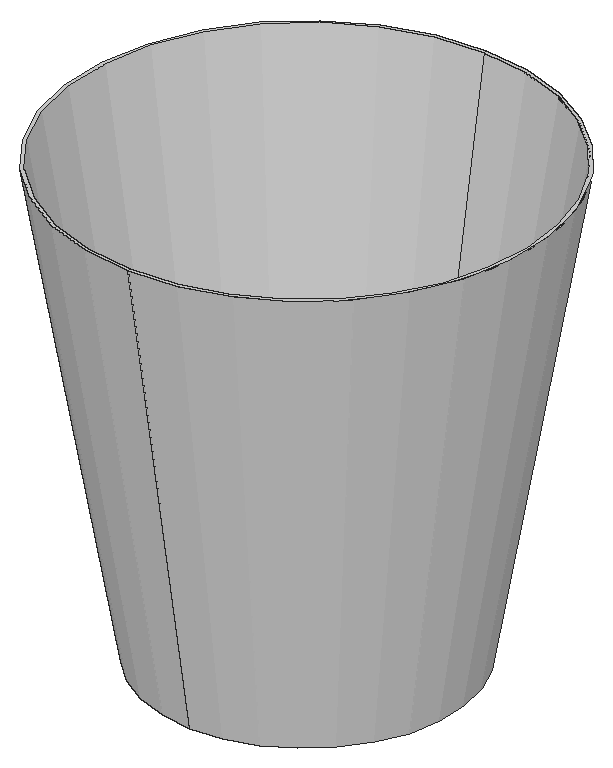
Revit family
Parameters
  Keynote = "N"
Reference planes
  plane 1 "Center F/B": y = 0
  plane 2: z = 0
  plane 3 "Center L/R": x = 0
Forms (mm)
  Revolve 1, solid, material "Plastic - Grey"
    sketch origin (0, 0, 0) x (0, 1, 0) y (0, 0, 1)
      loop
        line (0, 0) -> (152.4, 0) -> (234.264, 464.273) -> (231.04, 464.273) -> (150.296, 6.35) -> (0, 6.35) -> (0, 0)
      axis (0, 0) -> (0, 464.273)
    angle from 0 to 360
Lines and regions (mm)
  Masking region 1
    outline origin (0, 0, 0) x (1, 0, 0) y (0, 1, 0)
      loop
        circle (0, 0) r 234.264
  symbolic lines
    curve 1: arc (0, 234.264, 0) -> (-234.264, 0, 0) -> (0, -234.264, 0) r 234.264
    curve 2: arc (0, -234.264, 0) -> (234.264, 0, 0) -> (0, 234.264, 0) r 234.264
  symbolic lines, detail levels medium+fine
    curve 3: arc (0, 150.296, 0) -> (-150.296, 0, 0) -> (0, -150.296, 0) r 150.296
    curve 4: arc (0, -150.296, 0) -> (150.296, 0, 0) -> (0, 150.296, 0) r 150.296
Dimensions and locks
  Revolve 1 sketch curve to Revolve 1 sketch curve = 152.4 mm
  plane 1 "Center F/B" to Revolve 1 sketch curve = 231.04 mm
  Revolve 1 sketch curve to plane 2 = 464.273 mm
  aligned and locked: curve 1 to Revolve 1
  aligned and locked: curve 2 to Revolve 1
  aligned and locked: curve 3 to Revolve 1
  aligned and locked: curve 4 to Revolve 1
  aligned and locked: Masking region 1 sketch curve to curve 1
  aligned and locked: Masking region 1 sketch curve to curve 2
